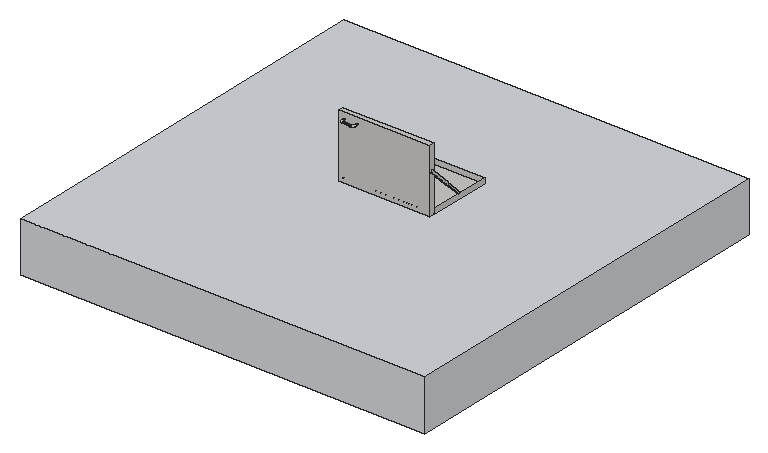
Revit family
Parameters (values of type "B-7816")
  Width = 22"
  Warranty Information = "1 Year Limited Warranty"
  URL = "http://www.bobrick.com/Pages/default.aspx"
  Type Comments = ""
  Specification = "Folding Charting Station / Shelf shall be constructed of 20 gauge (0.9mm), Type 304 stainless steel with satin-finish and double wall, welded construction. Overall size to be 22\" W, 15\" D (in extended position) 16\" H (406mm), 1-3/8\" D, (35mm) in retracted position. Secured to cabinet with a full-length stainless steel piano-hinge. Desk top shall be supported by two articulating support arms that retract into a concealed location within the desk. Folding Charting Station / Shelf shall be Model B-7816 of Bobrick Washroom Equipment, Inc., Clifton Park, New York; Jackson, Tennessee; Los Angeles, California; Bobrick Washroom Equipment Company, Scarborough, Ontario; Bobrick Washroom Equipment Pty. Ltd., Australia; and Bobrick Washroom Equipment Limited, United Kingdom."
  Price = "Prices may vary. Please consult Manufacturer Representative for most up-to-date price list."  # constant formula
  Phone Number = "416-250-5656"  # constant formula
  Omniclass Table 23 Title = "General Furniture and Specialties"  # constant formula
  Omniclass Table 23 Code = "23.40.20.00"  # constant formula
  Model = "B-7816"
  Material = Stainless Steel- Bobrick-Type 304-Satin
  Manufacturer = "Bobrick"
  Length = 15"
  Installation Type = "Wall Mounted"
  Height = 16"
  Description = "Bobrick Folding Charting Station/Shelf"
  Default Elevation = 0"
  Creation Date = "06/10/2015"  # constant formula
  Created By = "Allied Technical Services"  # constant formula
  Assembly Code = "E"
  ATS URL = "http://www.atsspec.net"
Reference planes (in)
  plane 1 "Center (Front/Back)": y = 0
  plane 2: z = 0
  plane 3 "Center (Left/Right)": x = 0
  plane 4: z = 1.375
  plane 5: z = 15
  plane 6: y = 16
  plane 7: x = 11
  plane 8: x = -11
  plane 9: y = 1.25
Forms (in)
  Extrusion 1, solid
    sketch origin (0, 0, 0) x (1, 0, 0) y (0, 1, 0)
      loop
        line (-48, 48) -> (-48, -48) -> (48, -48) -> (48, 48) -> (-48, 48)
    from 0 to -12
  Extrusion 2, solid, material "Stainless Steel- Bobrick-Type 304-Satin" <- "Material"
    sketch origin (0, 0, 0) x (1, 0, 0) y (0, 1, 0)
      loop
        line (-11, 16) -> (-11, 1.34147) -> (-10.96875, 1.34147) -> (-10.96875, 15.96875) -> (10.96875, 15.96875) -> (10.96875, 1.34147) -> (11, 1.34147) -> (11, 16) -> (-11, 16)
    from 0 to 1.25
  Extrusion 3, solid, material "Stainless Steel- Bobrick-Type 304-Satin" <- "Material"
    sketch origin (0, 0, 0) x (1, 0, 0) y (0, 1, 0)
      loop
        line (-10.96875, 15.96875) -> (-10.96875, 1.34147) -> (10.96875, 1.34147) -> (10.96875, 15.96875) -> (-10.96875, 15.96875)
    from 0 to 0.03125
  Extrusion 4, solid, material "Stainless Steel- Bobrick-Type 304-Satin" <- "Material"
    sketch origin (0, 0, 0) x (0, 1, 0) y (0, 0, 1)
      loop
        circle (1.25127, 0.125) r 0.125
    from -10.96875 to 10.96875
  Sweep 5, solid, material "Stainless Steel- Bobrick-Type 304-Satin" <- "Material"
    path origin (0, 0, 0) x (1, 0, 0) y (0, 1, 0)
      loop
        line (-9.5, 0) -> (-9.5, -0.5)
        arc (-9.5, -0.5) -> (-9.35355, -0.85355) -> (-9, -1) r 0.5
        line (-9, -1) -> (-7, -1)
        arc (-7, -1) -> (-6.64645, -0.85355) -> (-6.5, -0.5) r 0.5
        line (-6.5, -0.5) -> (-6.5, 0)
    profile origin (-9.5, -0.25, 0) x (1, 0, 0) y (0, 0, 1)
      loop
        circle (0, 13.5) r 0.1875
  Extrusion 6, solid, material "Stainless Steel- Bobrick-Type 304-Satin" <- "Material"
    sketch origin (-10.875, 0, 0) x (0, 1, 0) y (0, 0, 1)
      loop
        line (0.39351, 9.17156) -> (4.95214, 4.61293)
        arc (4.95214, 4.61293) -> (5.3057, 4.61293) -> (5.3057, 4.96648) r 0.25
        line (5.3057, 4.96648) -> (0.74706, 9.52512)
        arc (0.74706, 9.52512) -> (0.39351, 9.52512) -> (0.39351, 9.17156) r 0.25
      loop
        circle (0.85421, 9.10509) r 0.10708
      loop
        circle (4.92007, 5.03922) r 0.10708
    from 0 to 0.125
  Extrusion 7, solid, material "Stainless Steel- Bobrick-Type 304-Satin" <- "Material"
    sketch origin (-10.75, 0, 0) x (0, 1, 0) y (0, 0, 1)
      loop
        line (4.45937, 5.1057) -> (9.00561, 0.55946) -> (9.35917, 0.91301) -> (4.81293, 5.45925)
        arc (4.81293, 5.45925) -> (4.45937, 5.45925) -> (4.45937, 5.1057) r 0.25
      loop
        circle (4.92007, 5.03922) r 0.10708
    from 0 to 0.125
  Extrusion 8, solid, material "Stainless Steel- Bobrick-Type 304-Satin" <- "Material"
    sketch origin (10.875, 0, 0) x (0, 1, 0) y (0, 0, -1)
      loop
        arc (0.39351, -9.17156) -> (0.39351, -9.52512) -> (0.74706, -9.52512) r 0.25
        line (0.74706, -9.52512) -> (5.3057, -4.96648)
        arc (5.3057, -4.96648) -> (5.3057, -4.61293) -> (4.95214, -4.61293) r 0.25
        line (4.95214, -4.61293) -> (0.39351, -9.17156)
      loop
        circle (0.85421, -9.10509) r 0.10708
      loop
        circle (4.92007, -5.03922) r 0.10708
    from 0 to 0.125
  Extrusion 9, solid, material "Stainless Steel- Bobrick-Type 304-Satin" <- "Material"
    sketch origin (10.75, 0, 0) x (0, 1, 0) y (0, 0, -1)
      loop
        arc (4.45937, -5.1057) -> (4.45937, -5.45925) -> (4.81293, -5.45925) r 0.25
        line (4.81293, -5.45925) -> (9.35917, -0.91301) -> (9.00561, -0.55946) -> (4.45937, -5.1057)
      loop
        circle (4.92007, -5.03922) r 0.10708
    from 0 to 0.125
  Extrusion 10, solid, material "Stainless Steel- Bobrick-Type 304-Satin" <- "Material"
    sketch origin (0.21875, 0, 0) x (0, 1, 0) y (0, 0, 1)
      loop
        line (0, 0) -> (1.25, 0) -> (1.25, 15) -> (0, 15) -> (0, 0)
    from -10.96875 to 10.53125
  Extrusion 11, solid, material "Stainless Steel- Bobrick-Type 304-Satin" <- "Material"
    sketch origin (0, 8.03798, -8.10048) x (0, 1, 0) y (0, 0, 1)
      loop
        circle (0.85421, 9.10509) r 0.10708
    from -11 to -10.625
  Extrusion 12, solid, material "Stainless Steel- Bobrick-Type 304-Satin" <- "Material"
    sketch origin (0, 8.03798, -8.10048) x (0, 1, 0) y (0, 0, -1)
      loop
        circle (0.85421, -9.10509) r 0.10708
    from -11 to -10.625
Cuts and joins
  joined: Extrusion 4, Sweep 5, Extrusion 6, Extrusion 8
  joined: Extrusion 2, Extrusion 3, Extrusion 7, Extrusion 9, Extrusion 10, Extrusion 11, Extrusion 12
Lines and regions (in)
  Masking region 1
    outline origin (0, 0, 0) x (1, 0, 0) y (0, 1, 0)
      loop
        line (10.75, 0) -> (10.75, 0.32028) -> (10.875, 0.32028) -> (10.875, 1.12627) -> (10.96875, 1.12627) -> (10.96875, 1.34147) -> (11, 1.34147) -> (11, 16) -> (-11, 16) -> (-11, 1.34147) -> (-10.96875, 1.34147) -> (-10.96875, 1.12627) -> (-10.875, 1.12627) -> (-10.875, 0.32028) -> (-10.75, 0.32028) -> (-10.75, 0) -> (-9.6875, 0) -> (-9.6875, -0.50049)
        arc (-9.6875, -0.50049) -> (-9.48628, -0.98628) -> (-9.00049, -1.1875) r 0.68701
        line (-9.00049, -1.1875) -> (-6.99951, -1.1875)
        arc (-6.99951, -1.1875) -> (-6.51372, -0.98628) -> (-6.3125, -0.50049) r 0.68701
        line (-6.3125, -0.50049) -> (-6.3125, 0) -> (10.75, 0)
  Masking region 2
    outline origin (0, 0, 0) x (1, 0, 0) y (0, 0, 1)
      loop
        line (10.75, 1.25) -> (10.75, 4.5397) -> (10.875, 4.5397) -> (10.875, 9.59834) -> (10.75, 9.59834) -> (10.75, 15) -> (-10.75, 15) -> (-10.75, 9.59834) -> (-10.875, 9.59834) -> (-10.875, 4.5397) -> (-10.75, 4.5397) -> (-10.75, 1.25) -> (-11, 1.25) -> (-11, 0) -> (11, 0) -> (11, 1.25) -> (10.75, 1.25)
  Masking region 3
    outline origin (0, 0, 0) x (0, 1, 0) y (0, 0, 1)
      loop
        line (0, 15) -> (0, 13.6875) -> (-1, 13.6875)
        arc (-1, 13.6875) -> (-1.1875, 13.5) -> (-1, 13.3125) r 0.1875
        line (-1, 13.3125) -> (0, 13.3125) -> (0, 0) -> (1.25127, 0)
        arc (1.25127, 0) -> (1.3003, 0.01002) -> (1.34147, 0.03846) r 0.125
        line (1.34147, 0.03846) -> (1.34147, 0) -> (16, 0) -> (16, 1.25) -> (9.02218, 1.25) -> (1.25, 9.02218) -> (1.25, 15) -> (0, 15)
      loop
        line (1.25, 8.31507) -> (1.25, 0.24999)
        arc (1.25, 0.24999) -> (1.29971, 0.24023) -> (1.34147, 0.21154) r 0.125
        line (1.34147, 0.21154) -> (1.34147, 1.25) -> (8.31507, 1.25) -> (1.25, 8.31507)
  symbolic lines, detail levels medium+fine
    curve 1: line (-10.75, 9.35917, 0) -> (-10.75, 0.32028, 0)
    curve 2: line (-10.75, 9.35917, 0) -> (-10.625, 9.35917, 0)
    curve 3: line (-10.625, 4.38615, 0) -> (-10.625, 9.35917, 0)
    curve 4: line (-10.875, 5.37892, 0) -> (-10.875, 1.12892, 0)
    curve 5: line (-10.96875, 1.37627, 0) -> (-10.875, 1.37627, 0)
    curve 6: line (-10.75, 1.37627, 0) -> (10.75, 1.37627, 0)
    curve 7: line (-10.75, 1.25, 0) -> (10.75, 1.25, 0)
    curve 8: line (10.96875, 1.37627, 0) -> (10.875, 1.37627, 0)
    curve 9: line (10.75, 9.35917, 0) -> (10.75, 0.32028, 0)
    curve 10: line (10.75, 9.35917, 0) -> (10.625, 9.35917, 0)
    curve 11: line (10.625, 4.38615, 0) -> (10.625, 9.35917, 0)
    curve 12: line (10.875, 5.37892, 0) -> (10.875, 1.12892, 0)
    curve 13: line (-10.625, 4.38615, 0) -> (-10.75, 4.38615, 0)
    curve 14: line (-10.875, 5.37892, 0) -> (-10.75, 5.37892, 0)
    curve 15: line (-10.96875, 8.99927, 0) -> (-10.75, 8.99927, 0)
    curve 16: line (-10.96875, 8.7851, 0) -> (-10.75, 8.7851, 0)
    curve 17: line (10.96875, 8.99927, 0) -> (10.75, 8.99927, 0)
    curve 18: line (10.96875, 8.7851, 0) -> (10.75, 8.7851, 0)
    curve 19: line (10.875, 5.37892, 0) -> (10.75, 5.37892, 0)
    curve 20: line (10.625, 4.38615, 0) -> (10.75, 4.38615, 0)
    curve 21: line (-9.6875, 0, 0) -> (-6.3125, 0, 0)
    curve 22: line (-10.96875, 1.34147, 0) -> (-10.96875, 15.96875, 0)
    curve 23: line (-10.96875, 15.96875, 0) -> (10.96875, 15.96875, 0)
    curve 24: line (10.96875, 15.96875, 0) -> (10.96875, 1.34147, 0)
    curve 25: arc (-9.3125, -0.50049, 0) -> (-9.22111, -0.72112, 0) -> (-9.00049, -0.8125, 0) r 0.31201
    curve 26: line (-9.00049, -0.8125, 0) -> (-6.99951, -0.8125, 0)
    curve 27: arc (-6.99951, -0.8125, 0) -> (-6.77889, -0.72112, 0) -> (-6.6875, -0.50049, 0) r 0.31201
    curve 28: line (-6.6875, -0.50049, 0) -> (-6.6875, 0, 0)
    curve 29: line (-9.3125, 0, 0) -> (-9.3125, -0.50049, 0)
    curve 30: line (10.625, 0, 5.53248) -> (10.625, 0, 1.25)
    curve 31: line (10.625, 0, 5.53248) -> (10.75, 0, 5.53248)
    curve 32: line (10.75, 0, 4.5397) -> (10.75, 0, 9.59834)
    curve 33: line (-10.75, 0, 9.59834) -> (-10.75, 0, 4.5397)
    curve 34: line (-10.75, 0, 5.53248) -> (-10.625, 0, 5.53248)
    curve 35: line (-10.625, 0, 5.53248) -> (-10.625, 0, 1.25)
    curve 36: line (10.75, 0, 1.25) -> (-10.75, 0, 1.25)
    curve 37: line (0, 9.02218, 1.25) -> (0, 8.31507, 1.25)
    curve 38: line (0, 1.34147, 0.03846) -> (0, 1.34147, 0.21154)
    curve 39: line (0, 1.25, 9.02218) -> (0, 0.74706, 9.52512)
    curve 40: line (0, 1.25, 8.31507) -> (0, 0.39351, 9.17156)
    curve 41: arc (0, 0.39351, 9.17156) -> (0, 0.39351, 9.52512) -> (0, 0.74706, 9.52512) r 0.25
    curve 42: circle (0, 0.85421, 9.10509) r 0.10708 normal (-1, 0, 0)
    curve 43: line (0, 0, 13.6875) -> (0, 0, 13.3125)
    curve 44: arc (0, 1.34147, 0.21154) -> (0, 1.13629, 0.17403) -> (0, 1.25127, 0) r 0.125
  symbolic lines, detail levels fine
    curve 45: circle (0, 8.89219, 1.00461) r 0.10708 normal (1, 0, 0)
Dimensions and locks (in)
  "Height": plane 6 to plane 1 "Center (Front/Back)"
  "Width": plane 8 to plane 7
  "Length": plane 5 to Extrusion 1
  aligned and locked: plane 2 to Extrusion 1
  aligned and locked: level to Extrusion 1
Automatic sketch dimensions
  curve 7 to plane 9 = 0"
  plane 1 "Center (Front/Back)" to curve 21 = 0"
  curve 16 to plane 8 = 1/32"
  curve 4 to plane 8 = 1/8"
  curve 5 to curve 6 = 1/8"
  curve 2 to curve 3 = 1/8"
  curve 1 to curve 21 = 1 1/16"
  curve 21 to curve 29 = 3/8"
  curve 25 to curve 25 = 0.31201"
  plane 1 "Center (Front/Back)" to curve 27 = 13/16"
  curve 26 to curve 27 = 2.00098"
  curve 27 to curve 27 = 0.31201"
  curve 28 to curve 21 = 3/8"
  curve 20 to plane 7 = 3/8"
  curve 19 to plane 7 = 1/4"
  curve 12 to plane 7 = 1/8"
  curve 18 to plane 7 = 1/32"
  curve 1 to plane 1 "Center (Front/Back)" = 0.32028"
  curve 9 to plane 1 "Center (Front/Back)" = 0.32028"
  curve 12 to plane 9 = 31/256"
  curve 4 to plane 9 = 31/256"
  plane 9 to curve 22 = 0.09147"
  plane 9 to curve 24 = 0.09147"
  curve 22 to curve 5 = 0.0348"
  curve 24 to curve 8 = 0.0348"
  curve 6 to curve 8 = 0"
  curve 6 to curve 13 = 3.00988"
  curve 6 to curve 20 = 3.00988"
  curve 20 to curve 12 = 0.99277"
  curve 13 to curve 4 = 0.99277"
  curve 19 to curve 18 = 3.40618"
  curve 14 to curve 16 = 3.40618"
  curve 16 to curve 15 = 0.21416"
  curve 18 to curve 17 = 0.21416"
  curve 15 to curve 3 = 0.3599"
  curve 17 to curve 11 = 0.3599"
  curve 24 to plane 6 = 1/32"
  Extrusion 1 sketch curve to Extrusion 1 sketch curve = 96"  (x2)
  Extrusion 2 sketch curve to plane 8 = 0"
  Extrusion 2 sketch curve to plane 6 = 0"
  Extrusion 2 sketch curve to plane 7 = 0"
  Extrusion 2 sketch curve to Extrusion 2 sketch curve = 1/32"  (x2)
  Extrusion 2 sketch curve to plane 6 = 1/32"
  plane 9 to Extrusion 2 sketch curve = 0.09147"  (x2)
  Extrusion 3 sketch curve to plane 8 = 1/32"
  Extrusion 3 sketch curve to plane 7 = 1/32"
  plane 9 to Extrusion 3 sketch curve = 0.09147"
  Extrusion 3 sketch curve to plane 6 = 1/32"
  plane 9 to Extrusion 4 sketch curve = 0.00127"
  level to Extrusion 4 sketch curve = 1/8"
  plane 1 "Center (Front/Back)" to Sweep 5 sketch curve = 0"  (x2)
  plane 1 "Center (Front/Back)" to Sweep 5 sketch curve = 1/2"  (x2)
  Sweep 5 sketch curve to plane 8 = 1 1/2"
  Sweep 5 sketch curve to Sweep 5 sketch curve = 1/2"
  Sweep 5 sketch curve to Sweep 5 sketch curve = 2"
  profile plane to Sweep 5 sketch curve = 0"
  level to Sweep 5 sketch curve = 13 1/2"
  Extrusion 6 sketch curve to plane 1 "Center (Front/Back)" = 0.39351"
  Extrusion 6 sketch curve to Extrusion 6 sketch curve = 0.17678"  (x6)
  Extrusion 6 sketch curve to Extrusion 6 sketch curve = 0.28392"
  plane 9 to Extrusion 6 sketch curve = 3.67007"
  Extrusion 6 sketch curve to Extrusion 6 sketch curve = 0.03207"
  plane 4 to Extrusion 6 sketch curve = 3.23793"
  Extrusion 6 sketch curve to Extrusion 6 sketch curve = 0.24952"
  Extrusion 6 sketch curve to Extrusion 6 sketch curve = 4.06586"
  Extrusion 6 sketch curve to Extrusion 6 sketch curve = 0.06648"
  plane 9 to Extrusion 7 sketch curve = 3.20937"
  Extrusion 7 sketch curve to Extrusion 7 sketch curve = 0.17678"  (x2)
  Extrusion 7 sketch curve to Extrusion 7 sketch curve = 0.28392"
  level to Extrusion 7 sketch curve = 0.55946"
  Extrusion 7 sketch curve to Extrusion 7 sketch curve = 4.08554"
  Extrusion 7 sketch curve to plane 4 = 0.46199"
  Extrusion 7 sketch curve to Extrusion 7 sketch curve = 0.35355"
  Extrusion 7 sketch curve to Extrusion 7 sketch curve = 0.24325"
  Extrusion 8 sketch curve to plane 1 "Center (Front/Back)" = 0.39351"
  Extrusion 8 sketch curve to Extrusion 8 sketch curve = 0.17678"  (x6)
  Extrusion 8 sketch curve to Extrusion 8 sketch curve = 0.28392"
  plane 9 to Extrusion 8 sketch curve = 3.67007"
  Extrusion 8 sketch curve to Extrusion 8 sketch curve = 0.03207"
  Extrusion 8 sketch curve to plane 5 = 5.47488"
  Extrusion 8 sketch curve to Extrusion 8 sketch curve = 0.24325"
  plane 4 to Extrusion 8 sketch curve = 3.66422"
  Extrusion 8 sketch curve to Extrusion 8 sketch curve = 0.07274"
  plane 9 to Extrusion 9 sketch curve = 3.20937"
  Extrusion 9 sketch curve to Extrusion 9 sketch curve = 0.17678"  (x2)
  Extrusion 9 sketch curve to Extrusion 9 sketch curve = 0.28392"
  level to Extrusion 9 sketch curve = 0.55946"
  Extrusion 9 sketch curve to Extrusion 9 sketch curve = 4.08554"
  Extrusion 9 sketch curve to plane 4 = 0.46199"
  Extrusion 9 sketch curve to Extrusion 9 sketch curve = 0.35355"
  Extrusion 9 sketch curve to Extrusion 9 sketch curve = 0.24325"
  Extrusion 10 sketch curve to plane 1 "Center (Front/Back)" = 0"
  Extrusion 10 sketch curve to level = 0"
  Extrusion 10 sketch curve to plane 9 = 0"
  Extrusion 10 sketch curve to plane 5 = 0"
  Extrusion 11 sketch curve to plane 4 = 0.37039"
  Extrusion 11 sketch curve to plane 6 = 7.10781"
  Extrusion 12 sketch curve to plane 4 = 0.37039"
  Extrusion 12 sketch curve to plane 6 = 7.10781"
  Masking region 1 sketch curve to plane 6 = 0"
  Masking region 1 sketch curve to plane 8 = 0"
  plane 1 "Center (Front/Back)" to Masking region 1 sketch curve = 0"  (x2)
  Masking region 1 sketch curve to plane 7 = 0"
  Masking region 1 sketch curve to plane 8 = 1/32"
  Masking region 1 sketch curve to Masking region 1 sketch curve = 3/32"
  Masking region 1 sketch curve to Masking region 1 sketch curve = 1/8"
  Masking region 1 sketch curve to Masking region 1 sketch curve = 1 1/16"
  Masking region 1 sketch curve to Masking region 1 sketch curve = 0.68701"  (x2)
  plane 1 "Center (Front/Back)" to Masking region 1 sketch curve = 0.50049"
  Masking region 1 sketch curve to Masking region 1 sketch curve = 2.00098"
  Masking region 1 sketch curve to plane 7 = 1/4"
  Masking region 1 sketch curve to plane 7 = 1/8"
  Masking region 1 sketch curve to Masking region 1 sketch curve = 1/32"
  Masking region 1 sketch curve to Masking region 1 sketch curve = 0.32028"  (x2)
  Masking region 1 sketch curve to plane 9 = 0.12373"  (x2)
  plane 9 to Masking region 1 sketch curve = 0.09147"  (x2)
  curve 33 to plane 8 = 1/4"
  curve 36 to plane 4 = 1/8"
  curve 36 to plane 8 = 1/4"
  curve 36 to curve 35 = 1/8"
  curve 31 to plane 7 = 3/8"
  curve 32 to plane 7 = 1/4"
  curve 30 to curve 36 = 1/8"
  plane 4 to curve 32 = 3.1647"
  plane 4 to curve 33 = 3.1647"
  curve 32 to curve 31 = 0.99277"
  curve 33 to curve 34 = 0.99277"
  curve 31 to curve 32 = 4.06586"
  curve 34 to curve 33 = 4.06586"
  Masking region 2 sketch curve to level = 0"
  plane 8 to Masking region 2 sketch curve = 0"
  Masking region 2 sketch curve to plane 5 = 0"
  Masking region 2 sketch curve to plane 7 = 0"
  Masking region 2 sketch curve to plane 8 = 1/8"
  Masking region 2 sketch curve to Masking region 2 sketch curve = 1/4"
  Masking region 2 sketch curve to plane 8 = 1/4"
  Masking region 2 sketch curve to plane 7 = 1/4"  (x2)
  Masking region 2 sketch curve to plane 7 = 1/8"
  Masking region 2 sketch curve to plane 4 = 1/8"  (x2)
  plane 4 to Masking region 2 sketch curve = 3.1647"  (x2)
  Masking region 2 sketch curve to Masking region 2 sketch curve = 5.05864"  (x2)
  curve 43 to plane 1 "Center (Front/Back)" = 0"
  curve 39 to plane 9 = 0"
  curve 40 to plane 9 = 0"
  curve 44 to level = 0"
  curve 40 to plane 1 "Center (Front/Back)" = 0.39351"
  curve 41 to curve 41 = 0.17678"  (x2)
  curve 41 to curve 39 = 0.17678"
  curve 41 to curve 42 = 0.28392"
  plane 9 to curve 44 = 0.00127"
  level to curve 38 = 0.03846"
  plane 9 to curve 38 = 0.09147"
  curve 37 to plane 4 = 1/8"
  curve 44 to curve 37 = 6.9736"
  curve 37 to curve 37 = 0.70711"
  curve 44 to curve 44 = 1/8"
  curve 40 to plane 5 = 6.68493"
  curve 40 to curve 39 = 0.70711"
  curve 39 to curve 42 = 0.08291"
  curve 42 to curve 41 = 0.06648"
  curve 43 to plane 5 = 1 11/16"
  curve 43 to curve 43 = 3/8"
  Masking region 3 sketch curve to plane 1 "Center (Front/Back)" = 0"  (x2)
  Masking region 3 sketch curve to plane 5 = 0"
  Masking region 3 sketch curve to plane 9 = 0"
  Masking region 3 sketch curve to level = 0"  (x2)
  Masking region 3 sketch curve to plane 6 = 0"
  plane 1 "Center (Front/Back)" to Masking region 3 sketch curve = 1"
  plane 9 to Masking region 3 sketch curve = 0.00127"
  level to Masking region 3 sketch curve = 0.03846"
  plane 9 to Masking region 3 sketch curve = 0.09147"
  plane 9 to Masking region 3 sketch curve = 0"
  Masking region 3 sketch curve to plane 4 = 1/8"  (x2)
  Masking region 3 sketch curve to Masking region 3 sketch curve = 7.06507"
  Masking region 3 sketch curve to Masking region 3 sketch curve = 0.70711"  (x2)
  Masking region 3 sketch curve to Masking region 3 sketch curve = 0.08654"
  Masking region 3 sketch curve to Masking region 3 sketch curve = 0.03845"
  plane 4 to Masking region 3 sketch curve = 6.94007"
  Masking region 3 sketch curve to plane 5 = 1 11/16"
  Masking region 3 sketch curve to Masking region 3 sketch curve = 3/16"
  Masking region 3 sketch curve to Masking region 3 sketch curve = 0"  (x2)
  radius of Extrusion 4 sketch curve = 1/8"
  radius of Sweep 5 sketch curve = 3/16"
  radius of Extrusion 6 sketch curve = 0.10708"  (x2)
  radius of Extrusion 7 sketch curve = 0.10708"
  radius of Extrusion 8 sketch curve = 0.10708"  (x2)
  radius of Extrusion 9 sketch curve = 0.10708"
  radius of Extrusion 11 sketch curve = 0.10708"
  radius of Extrusion 12 sketch curve = 0.10708"
  radius of curve 42 = 0.10708"
